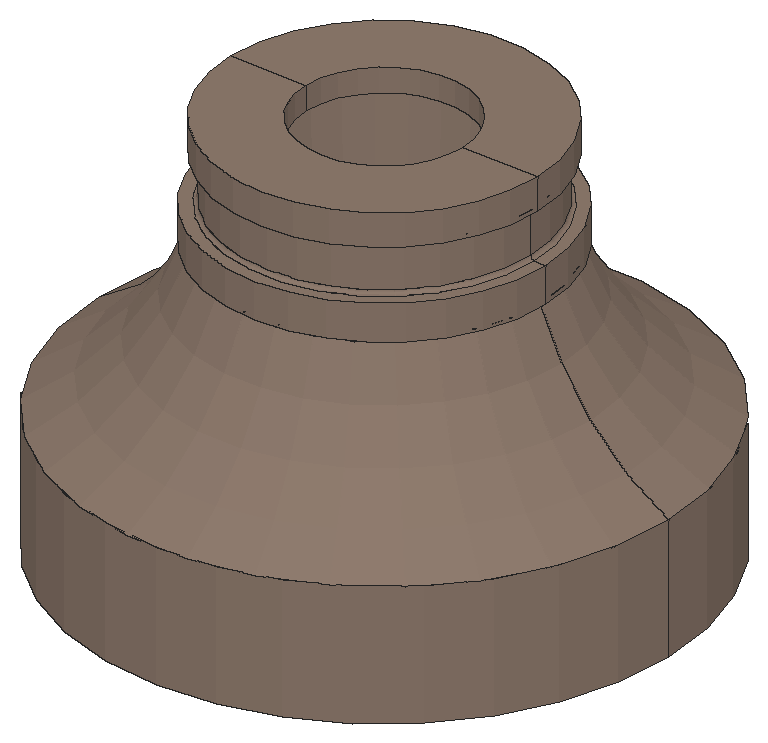
Revit family "CB1205", category Generic Models, Revit 2014
Parameters
  BASE = Bronze, Architectural
Reference planes (in)
  plane 1 "Center (Front/Back)": y = 0
  plane 2: z = 0
  plane 3 "Center (Left/Right)": x = 0
Forms (in)
  Revolve 1, solid, material "Bronze, Architectural" <- "BASE"
    sketch origin (0, 0, 0) x (1, 0, 0) y (0, 0, 1)
      loop
        line (-2.5625, 12.5) -> (-5, 12.5) -> (-5, 11.5) -> (-4.875, 11.5)
        arc (-4.875, 11.5) -> (-4.78661, 11.46339) -> (-4.75, 11.375) r 0.125
        line (-4.75, 11.375) -> (-4.75, 10.125)
        arc (-4.75, 10.125) -> (-4.78661, 10.03661) -> (-4.875, 10) r 0.125
        line (-4.875, 10) -> (-5.25, 10) -> (-5.25, 8.875) -> (-5.14924, 8.875)
        arc (-5.14924, 8.875) -> (-5.09844, 8.84891) -> (-5.09005, 8.79241) r 0.0625
        arc (-5.09005, 8.79241) -> (-6.69966, 5.98792) -> (-9.25, 4) r 8.39366
        line (-9.25, 4) -> (-9.25, 0) -> (-8.5, 0) -> (-8.5, 0.1875) -> (-4.51201, 0.23292) -> (-4.51201, 1.125) -> (-8.375, 1.125)
        arc (-8.375, 1.125) -> (-8.64017, 1.23483) -> (-8.75, 1.5) r 0.375
        line (-8.75, 1.5) -> (-8.75, 3.69864)
        arc (-8.75, 3.69864) -> (-6.38297, 5.44146) -> (-4.50508, 7.70282) r 12.12089
        arc (-4.50508, 7.70282) -> (-4.36934, 7.82915) -> (-4.18966, 7.875) r 0.375
        line (-4.18966, 7.875) -> (-3.59375, 7.875) -> (-3.59375, 8.625) -> (-3.85185, 8.625)
        arc (-3.85185, 8.625) -> (-3.94036, 8.66166) -> (-3.97703, 8.75018) r 0.12518
        line (-3.97703, 8.75018) -> (-4.1346, 11.75) -> (-2.5625, 11.75) -> (-2.5625, 12.5)
      axis (0, 12.5) -> (0, 0)
    angle from 0 to 360
Dimensions and locks (in)
  aligned and locked: plane 2 to level
